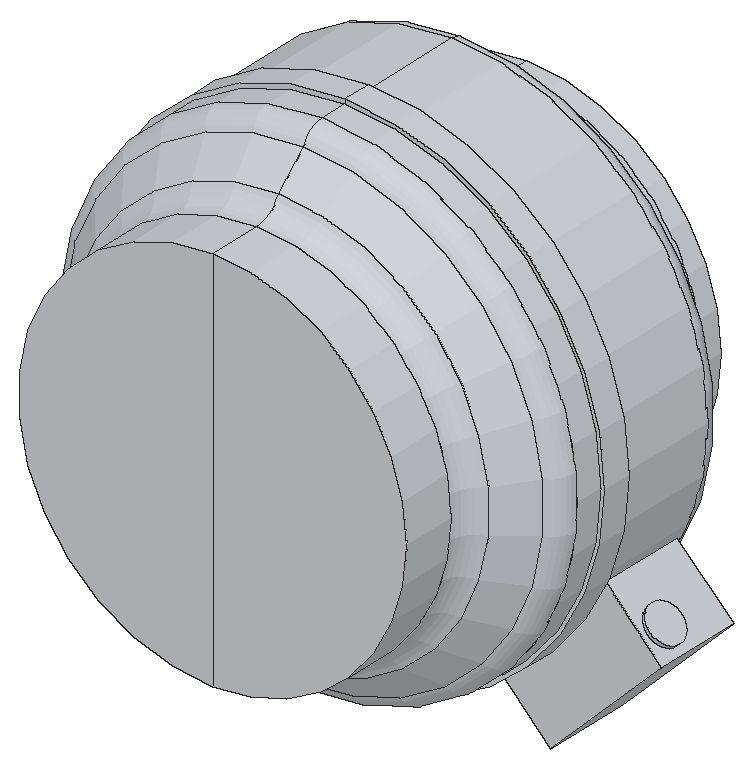
Revit family "RI-700", category Generic Models, Revit 2016
Family settings
  Part Type = Normal
  Can host rebar = No
  Round Connector Dimension = Use Diameter
  Work Plane-Based = No
  Always vertical = Yes
  Cut with Voids When Loaded = No
  Shared = No
  Room Calculation Point = No
Parameters (values of type "RI-700")
  WATTS = 245 W
  VOLTS = "120 V"
  URL = "http://www.reversomatic.com"
  RPM = "3100"
  Model = "RI-700"
  Manufacturer = "REVERSOMATIC"
  Cost = 0
  CFM AT STATIC PRESURE = "0.00-752, 0.10-719 0.20-698, 0.30-675, 0.40-650, 0.50-629, 0.60-605, 0.70-577, 0.80-550, .90-525,  1.00-500"
  CAPACITOR (mfd) = "25"
  C = 10"
  BB = 13"
  B = BB / 2  # 6 1/2"
  AMPS = 2.2 A
  AA = 9 7/8"
  A = AA / 2  # 4 15/16"
Reference planes (in)
  plane 1 "Center (Front/Back)": y = 0
  plane 2: z = 0
  plane 3 "Center (Left/Right)": x = 0
  plane 4: z = 6.5
  plane 5: y = -10
  plane 6: z = 4.9375
Forms (in)
  Revolve 1, solid
    sketch origin (0, 0, 0) x (0, 1, 0) y (0, 0, 1)
      loop
        line (0, 4.9375) -> (-0.57334, 4.9375)
        arc (-0.57334, 4.9375) -> (-0.83682, 5.01782) -> (-1.01069, 5.23147) r 0.47233
        line (-1.01069, 5.23147) -> (-1.90362, 6.17101)
        arc (-1.90362, 6.17101) -> (-2.08668, 6.40958) -> (-2.37346, 6.5) r 0.5
        line (-2.37346, 6.5) -> (-6.51011, 6.5)
        arc (-6.51011, 6.5) -> (-6.86787, 6.39495) -> (-7.11203, 6.11315) r 0.6617
        line (-7.11203, 6.11315) -> (-7.90527, 5.37597)
        arc (-7.90527, 5.37597) -> (-8.18202, 5.05657) -> (-8.58751, 4.9375) r 0.75
        line (-8.58751, 4.9375) -> (-10, 4.9375) -> (-10, 0) -> (0, 0) -> (0, 4.9375)
      axis (0, 0) -> (-10, 0)
    angle from 0 to 360
  Revolve 2, solid
    sketch origin (0, 0, 0) x (0, 1, 0) y (0, 0, 1)
      loop
        line (-5.78321, 6.61184) -> (-5.78321, 6.36184) -> (-5.03321, 6.36184) -> (-5.03321, 6.61184) -> (-5.78321, 6.61184)
      axis (-5.78321, 0) -> (-5.03321, 0)
    angle from 0 to 360
  Extrusion 3, solid
    sketch origin (0, 0, 0) x (1, 0, 0) y (0, 0, 1)
      loop
        line (5.26608, -3.22327) -> (3.85187, -1.80906) -> (1.851, -3.80993) -> (3.26521, -5.22414) -> (5.26608, -3.22327)
    from 2.57877 to 4.5262
  Extrusion 4, solid
    sketch origin (0, 0, 0) x (1, 0, 0) y (0, 0, 1)
      loop
        line (0.62339, -3.12723) -> (4.51248, -7.01631) -> (7.34091, -4.18789) -> (3.45182, -0.2988) -> (0.62339, -3.12723)
    from 2.58994 to 4.8679
  Extrusion 5, solid
    sketch origin (7.34091, 0, -4.18789) x (-0.707107, 0, 0.707107) y (0, -1, 0)
      loop
        circle (0.71436, 4.21424) r 0.5
    from 0 to 0.10156
Cuts and joins
  joined: Revolve 1, Revolve 2, Extrusion 3, Extrusion 4
Lines and regions (in)
  model lines
    curve 1: line (0, -5.62819, 6.36184) -> (0, -6.28321, 6.36184)
Dimensions and locks (in)
  "B": plane 4 to plane 2
  "C": plane 5 to plane 1 "Center (Front/Back)"
  Revolve 1 sketch curve to Revolve 1 sketch curve = 6 1/2"
  "A": plane 6 to level
  "C": Revolve 1 to Revolve 1
  diameter of Revolve 1 = 9 7/8"  (x2)
  diameter of cut or joined group of Revolve 1, Revolve 2, Extrusion 3, Extrusion 4 = 13"
  aligned and locked: level to plane 2
  aligned and locked: Revolve 1 sketch curve to plane 4
  aligned and locked: Revolve 1 sketch curve to plane 5
  aligned and locked: plane 1 "Center (Front/Back)" to Revolve 1 sketch curve
  aligned and locked: Revolve 1 sketch curve to plane 6  (x2)
Automatic sketch dimensions
  curve 1 to plane 4 = 0.13816"
  curve 1 to plane 5 = 3.71679"
  curve 1 to curve 1 = 0.65503"
  plane 3 "Center (Left/Right)" to Extrusion 3 sketch curve = 1.851"
  Extrusion 3 sketch curve to Extrusion 3 sketch curve = 1.41421"
  Extrusion 3 sketch curve to level = 1.80906"
  Extrusion 3 sketch curve to Extrusion 3 sketch curve = 2.00087"  (x2)
  plane 3 "Center (Left/Right)" to Extrusion 4 sketch curve = 4.51248"
  Extrusion 4 sketch curve to Extrusion 4 sketch curve = 2.82843"  (x2)
  Extrusion 4 sketch curve to level = 0.2988"
  plane 3 "Center (Left/Right)" to Extrusion 4 sketch curve = 0.62339"
  Extrusion 4 to Extrusion 5 sketch curve = 0.71436"
  Extrusion 4 to Extrusion 5 sketch curve = 0.65366"
  Revolve 2 sketch curve to level = 0"
  Revolve 2 sketch curve to plane 4 = 0.13816"
  Revolve 2 sketch curve to plane 5 = 4.21679"
  Revolve 2 sketch curve to Revolve 2 sketch curve = 3/4"
  plane 4 to Revolve 2 sketch curve = 0.11184"
  plane 5 to Revolve 2 sketch curve = 0.78321"
  Revolve 2 sketch curve to plane 1 "Center (Front/Back)" = 0.96679"
  Revolve 1 sketch curve to plane 5 = 0"
  Revolve 1 sketch curve to plane 1 "Center (Front/Back)" = 0"
  Revolve 1 sketch curve to level = 0"
  Revolve 1 sketch curve to plane 5 = 1.41249"
  plane 6 to Revolve 1 sketch curve = 0.43847"
  Revolve 1 sketch curve to Revolve 1 sketch curve = 0.68224"
  Revolve 1 sketch curve to plane 4 = 0.38685"
  Revolve 1 sketch curve to Revolve 1 sketch curve = 0.79324"
  Revolve 1 sketch curve to plane 4 = 0.6617"
  plane 1 "Center (Front/Back)" to Revolve 1 sketch curve = 2.37346"
  Revolve 1 sketch curve to plane 4 = 0.32899"
  Revolve 1 sketch curve to Revolve 1 sketch curve = 0.46985"
  plane 6 to Revolve 1 sketch curve = 0.29397"
  plane 1 "Center (Front/Back)" to Revolve 1 sketch curve = 1.01069"
  Revolve 1 sketch curve to Revolve 1 sketch curve = 0.43736"
  radius of Extrusion 5 sketch curve = 1/2"
